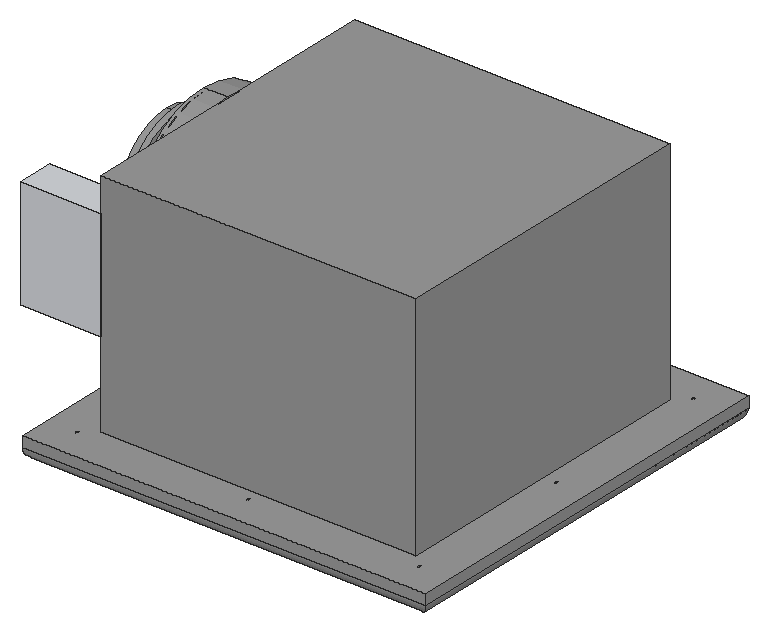
Revit family "Ceileo T", category Mechanical Equipment, Revit 2021
Family settings
  Round Connector Dimension = Use Diameter
  Classification = None
  Part Type = Normal
  Work Plane-Based = No
  Always vertical = Yes
  Cut with Voids When Loaded = No
  Shared = No
  Room Calculation Point = No
Parameters (values of type "Ceileo 300 T")
  Width = C  # 260 mm
  Weight = 5.10 kg
  Sound pressure level at 3 m distance = "31 dBA"
  Length = E  # 395 mm
  Height = H + h  # 206 mm
  Diameter = D  # 149 mm
  Default Elevation = 0 mm
  Description = "For round channels"  # constant formula
  Manufacturer = "Blauberg"  # constant formula
  r = d / 2  # 49 mm
  l3 = L1 * 0.7  # 35 mm
  l2 = L1 / 2 - 5 mm  # 20 mm
  h = 18 mm  # constant formula
  d = 98 mm  # constant formula
  b = B / 2  # 129 mm
  Voltage = 230 V
  URL = "https://blaubergventilatoren.de/uploads/download/b166_1en_02preview.pdf"
  R = D / 2  # 74.5 mm
  Pressure_Static_Air [instance] = 0.0 m³/h
  Power = 49 W
  Number of Fase = 1
  Maximum Air Flow = 300.0 m³/h
  Maintenance zone material = none
  Load Classification = "HVAC"
  L1 = 50 mm
  H1 = H - 100 mm  # 88 mm
  H = 188 mm  # constant formula
  Frequency = 50 Hz
  E = 395 mm  # constant formula
  Dy = D - 5 mm  # 144 mm
  D = 149 mm
  Casing Material = Plastic, opaque, white
  C = 260 mm  # constant formula
  B2 = if(L1 = 100 mm, 45 mm, 0 mm)  # 0 mm
  B1 = B - 100 mm  # 158 mm
  B = 258 mm  # constant formula
  Apparent Load = Voltage * Amperage  # 50.6 W
  Amperage = 0.22 A
  Air Flow [instance] = 0.0 m³/h
  A = 330 mm  # constant formula
  09_System_Name [instance] = ""
  00_20_Type = "Ceileo 300 T"
  00_20_Name = "Centrifugal ceiling extract fan"  # constant formula
  00_20_Manufacturer = "Blauberg"  # constant formula
Types (7, lengths in mm): name | Weight | Sound pressure level at 3 m distance | Diameter | l3 | l2 | R | Power | Maximum Air Flow | L1 | Dy | D | B2 | Apparent Load | Amperage | 00_20_Type
  (no name) | 5.10 kg | "31 dBA" | 149 | 35 | 20 | 74.5 | 49 W | 300.0 m³/h | 50 | 144 | 149 | 0 | 50.6 W | 0.22 A | "Ceileo 300 T"
  Ceileo 200 | 5.30 kg | "27 dBA" | 148 | 70 | 45 | 74 | 29 W | 210.0 m³/h | 100 | 143 | 148 | 45 | 29.9 W | 0.13 A | "Ceileo 200"
  Ceileo 250 | 5.30 kg | "29 dBA" | 148 | 70 | 45 | 74 | 39 W | 260.0 m³/h | 100 | 143 | 148 | 45 | 41.4 W | 0.18 A | "Ceileo 250"
  Ceileo 300 | 5.10 kg | "31 dBA" | 149 | 35 | 20 | 74.5 | 49 W | 300.0 m³/h | 50 | 144 | 149 | 0 | 50.6 W | 0.22 A | "Ceileo 300"
  Ceileo 200 T | 5.30 kg | "27 dBA" | 148 | 70 | 45 | 74 | 29 W | 210.0 m³/h | 100 | 143 | 148 | 45 | 29.9 W | 0.13 A | "Ceileo 200 T"
  Ceileo 250 T | 5.30 kg | "29 dBA" | 148 | 70 | 45 | 74 | 39 W | 260.0 m³/h | 100 | 143 | 148 | 45 | 41.4 W | 0.18 A | "Ceileo 250 T"
  Ceileo 300 T | 5.10 kg | "31 dBA" | 149 | 35 | 20 | 74.5 | 49 W | 300.0 m³/h | 50 | 144 | 149 | 0 | 50.6 W | 0.22 A | "Ceileo 300 T"
Reference planes
  plane 1 "По центру (Вперед/Назад)": y = 0
  plane 2: z = 0
  plane 3 "По центру (Влево/Вправо)": x = 0
  plane 4: x = 165
  plane 5: x = -165
  plane 6: x = -230
Forms (mm)
  Extrusion 1, solid, material "Сталь, гальванизированная"
    sketch origin (0, 0, 0) x (1, 0, 0) y (0, 1, 0)
      loop
        line (-129, -130) -> (129, -130) -> (129, 130) -> (-129, 130) -> (-129, -130)
    from 0 to 188
  Revolve 2, solid, material "Сталь, гальванизированная"
    sketch origin (0.528, 0, 0) x (1, 0, 0) y (0, 0, 1)
      loop
        line (-129.528, 188.501) -> (-149.528, 188.501) -> (-164.528, 163.001) -> (-179.528, 163.001) -> (-179.528, 161) -> (-163.384, 161) -> (-148.384, 186.5) -> (-129.528, 186.5) -> (-129.528, 188.501)
      axis (-129.528, 114.001) -> (-179.528, 114.001)
    angle from 0 to 360
  Extrusion 3, solid, material "Каучук, черный"
    sketch origin (0, 0, 0) x (0, 1, 0) y (0, 0, 1)
      loop
        circle (0, 113.5) r 49
      loop
        circle (0, 113.5) r 55
    from -170 to -165
  Extrusion 4, solid
    sketch origin (0, 0, 0) x (1, 0, 0) y (0, 1, 0)
      loop
        line (-129, -130) -> (-129, -100) -> (-195, -100) -> (-195, -130) -> (-129, -130)
    from 70 to 160
Dimensions and locks
  equal spacing: Extrusion 1 sketch curve, plane 3 "По центру (Влево/Вправо)", Extrusion 1 sketch curve
  equal spacing: Extrusion 1 sketch curve, plane 1 "По центру (Вперед/Назад)", Extrusion 1 sketch curve
  "C": Extrusion 1 sketch curve to Extrusion 1 sketch curve
  "B": Extrusion 1 sketch curve to Extrusion 1 sketch curve
  "H": Extrusion 1 to level
  "R": Revolve 2 sketch curve to Revolve 2 sketch curve
  "r": Revolve 2 sketch curve to Revolve 2 sketch curve
  locked: Revolve 2 sketch curve to Revolve 2 sketch curve at 2
  equal spacing: plane 5, plane 3 "По центру (Влево/Вправо)", plane 4
  "A": plane 5 to plane 4
  "E": plane 6 to plane 4
  locked: Revolve 2 sketch curve to Revolve 2 sketch curve at 2.001  (x2)
  "L1": Revolve 2 sketch curve to Revolve 2 sketch curve
  "l2": Revolve 2 sketch curve to Revolve 2 sketch curve
  "b": plane 3 "По центру (Влево/Вправо)" to Revolve 2 sketch curve
  "l3": Revolve 2 sketch curve to Revolve 2 sketch curve
  "R": Extrusion 1 to Extrusion 3 sketch curve
  "B2": plane 5 to Extrusion 3
  locked: Extrusion 3 to Extrusion 3 at 5
  locked: Extrusion 4 sketch curve to plane 1 "По центру (Вперед/Назад)" at 130
  locked: Extrusion 4 sketch curve to Extrusion 4 sketch curve at 30
  locked: Extrusion 4 sketch curve to plane 5 at 30
  locked: level to Extrusion 4 at 70
  locked: Extrusion 4 to level at 160
  locked: plane 5 to Extrusion 4 sketch curve at 36
  "d": diameter of Extrusion 3 sketch curve
  aligned and locked: level to plane 2
  aligned and locked: nested 1 to plane 2
  aligned and locked: plane 1 "По центру (Вперед/Назад)" to nested 1
  aligned and locked: plane 3 "По центру (Влево/Вправо)" to nested 1
Automatic sketch dimensions
  level to Revolve 2 sketch curve = 161 mm
  Revolve 2 sketch curve to plane 6 = 37.656 mm
  plane 5 to Revolve 2 sketch curve = 30.189 mm
  Extrusion 3 sketch curve to Extrusion 3 sketch curve = 0 mm  (x2)
  Extrusion 3 sketch curve to plane 1 "По центру (Вперед/Назад)" = 0 mm
  radius of Extrusion 3 sketch curve = 55 mm
Nested families
  nested 1: "org" at (0, 0, 0) x (1, 0, 0) z (0, -1, 0), type "org 330х330"
    with Pressure_Static_Air 0.0 m³/h, Maximum Air Flow 0.0 m³/h, Air Flow 0.0 m³/h, 09_System_Name "", 00_20_Type "ОРГ 200х200", 00_20_Name "Припливно-витяжна решітка", r 9 mm, D 18 mm
Connectors
  hvac at (-129, 0, 114.001), driven by "D"
    settings: on Revolve 2, index 1, duct flow 0.0 m³/h, flow factor 0, pres drop 0.0 Pa, loss coef 0, conn angle 0.00°, conn width 304.8 mm, conn height 304.8 mm, conn diameter 149 mm, duct sys type 3, conn prof type 0, flow config 0, flow direction 2, loss method 0, conn ref index -1, conn util no, is conn primary yes, conn desc ""
Definition of nested family "org"
  Parameters (values of type "ОРГ 330х330")
    Default Elevation = 0 mm
    Вага = 6.50 kg
    t = 2 mm
    r = D / 2  # 2.5 mm
    n горизонталь = A1 / S горизонталь  # 3
    n вертикаль = B1 / S вертикаль  # 23
    a2 = -A1 / 2  # -115 mm
    a1 = A1 / 2  # 115 mm
    S горизонталь = 75 mm
    S вертикаль = 10 mm
    Pressure_Static_Air [instance] = 0.0 m³/h
    Maximum Air Flow [instance] = 0.0 m³/h
    Maintenance zone material = none
    Load Classification = "HVAC"
    D = 5 mm
    B2 = B - C  # 280 mm
    B1 = B - C * 2  # 230 mm
    C = 50 mm
    B = 330 mm
    Air Flow [instance] = 0.0 m³/h
    A2 = A - C  # 280 mm
    A1 = A - 2 * C  # 230 mm
    A = 330 mm
    09_System_Name [instance] = ""
    00_20_Type [instance] = "ОРГ 200х200"
    00_20_Name [instance] = "Припливно-витяжна решітка"
    00_20_Manufacturer = "Вентс"  # constant formula
  Reference planes
    plane 1 "По центру (Вперед/Назад)": y = 0
    plane 2: z = 0
    plane 3 "По центру (Влево/Вправо)": x = 0
    plane 4: x = 115
    plane 5: x = -115
    plane 6: z = 115
    plane 7: z = -115
    plane 8: z = 140
    plane 9: x = -140
    plane 10: x = 140
    plane 11: z = -140
  Forms (mm)
    Extrusion 1, solid
      sketch origin (-145.595, 0, 117.557) x (1, 0, 0) y (0, 0, 1)
        loop
          line (30.595, -232.557) -> (260.595, -232.557) -> (260.595, -2.557) -> (30.595, -2.557) -> (30.595, -232.557)
        loop
          line (-19.405, -282.557) -> (310.595, -282.557) -> (310.595, 47.443) -> (-19.405, 47.443) -> (-19.405, -282.557)
      from 0 to 5 <- "D"
    Extrusion 2, solid
      sketch origin (0, -3, -104) x (0, 1, 0) y (0, 0, 1)
        loop
          line (3, 215.798) -> (-2, 215.798) -> (-2, 213.798) -> (3, 213.798) -> (3, 215.798)
      from 115 <- "a1" to -115 <- "a2"
    Extrusion 3, solid
      sketch origin (0, -3, -114) x (0, 1, 0) y (0, 0, 1)
        loop
          line (3, 215.798) -> (-2, 215.798) -> (-2, 213.798) -> (3, 213.798) -> (3, 215.798)
      from 115 <- "a1" to -115 <- "a2"
    Extrusion 4, solid
      sketch origin (0, -3, -124) x (0, 1, 0) y (0, 0, 1)
        loop
          line (3, 215.798) -> (-2, 215.798) -> (-2, 213.798) -> (3, 213.798) -> (3, 215.798)
      from 115 <- "a1" to -115 <- "a2"
    Extrusion 5, solid
      sketch origin (0, -3, -134) x (0, 1, 0) y (0, 0, 1)
        loop
          line (3, 215.798) -> (-2, 215.798) -> (-2, 213.798) -> (3, 213.798) -> (3, 215.798)
      from 115 <- "a1" to -115 <- "a2"
    Extrusion 6, solid
      sketch origin (0, -3, -144) x (0, 1, 0) y (0, 0, 1)
        loop
          line (3, 215.798) -> (-2, 215.798) -> (-2, 213.798) -> (3, 213.798) -> (3, 215.798)
      from 115 <- "a1" to -115 <- "a2"
    Extrusion 7, solid
      sketch origin (0, -3, -154) x (0, 1, 0) y (0, 0, 1)
        loop
          line (3, 215.798) -> (-2, 215.798) -> (-2, 213.798) -> (3, 213.798) -> (3, 215.798)
      from 115 <- "a1" to -115 <- "a2"
    Extrusion 8, solid
      sketch origin (0, -3, -164) x (0, 1, 0) y (0, 0, 1)
        loop
          line (3, 215.798) -> (-2, 215.798) -> (-2, 213.798) -> (3, 213.798) -> (3, 215.798)
      from 115 <- "a1" to -115 <- "a2"
    Extrusion 9, solid
      sketch origin (0, -3, -174) x (0, 1, 0) y (0, 0, 1)
        loop
          line (3, 215.798) -> (-2, 215.798) -> (-2, 213.798) -> (3, 213.798) -> (3, 215.798)
      from 115 <- "a1" to -115 <- "a2"
    Extrusion 10, solid
      sketch origin (0, -3, -184) x (0, 1, 0) y (0, 0, 1)
        loop
          line (3, 215.798) -> (-2, 215.798) -> (-2, 213.798) -> (3, 213.798) -> (3, 215.798)
      from 115 <- "a1" to -115 <- "a2"
    Extrusion 11, solid
      sketch origin (0, -3, -194) x (0, 1, 0) y (0, 0, 1)
        loop
          line (3, 215.798) -> (-2, 215.798) -> (-2, 213.798) -> (3, 213.798) -> (3, 215.798)
      from 115 <- "a1" to -115 <- "a2"
    Sweep 12, void
      path in 3D
        loop
          line (-165, -5, 165) -> (-165, -5, -165) -> (165, -5, -165) -> (165, -5, 165) -> (-165, -5, 165)
      profile origin (0, -5, 165) x (0, -1, 0) y (0, 0, 1)
        loop
          line (0, 0) -> (-2.5, 0)
          arc (-2.5, 0) -> (-0.732, -0.732) -> (0, -2.5) r 2.5
          line (0, -2.5) -> (0, 0)
    Extrusion 13, void
      sketch origin (0, 0, 0) x (1, 0, 0) y (0, 0, 1)
        loop
          circle (140.01, 140.01) r 1
        loop
          circle (-140.01, 140.01) r 1
        loop
          circle (140, 0) r 1
        loop
          circle (-140, 0) r 1
        loop
          circle (-140.01, -140.01) r 1
        loop
          circle (140.01, -140.01) r 1
        loop
          circle (0, -140) r 1
        loop
          circle (0, 140) r 1
      from 0 to 5 <- "D"
    Extrusion 14, solid
      sketch origin (0, -3, -204) x (0, 1, 0) y (0, 0, 1)
        loop
          line (3, 215.798) -> (-2, 215.798) -> (-2, 213.798) -> (3, 213.798) -> (3, 215.798)
      from 115 <- "a1" to -115 <- "a2"
    Extrusion 15, solid
      sketch origin (-79.143, 0, -80) x (1, 0, 0) y (0, 0, 1)
        loop
          line (-32.857, -35) -> (-30.857, -35) -> (-30.857, 195) -> (-32.857, 195) -> (-32.857, -35)
      from 0 to 5 <- "D"
    Extrusion 16, solid
      sketch origin (-4.143, 0, -80) x (1, 0, 0) y (0, 0, 1)
        loop
          line (-32.857, -35) -> (-30.857, -35) -> (-30.857, 195) -> (-32.857, 195) -> (-32.857, -35)
      from 0 to 5 <- "D"
    Extrusion 17, solid
      sketch origin (70.857, 0, -80) x (1, 0, 0) y (0, 0, 1)
        loop
          line (-32.857, -35) -> (-30.857, -35) -> (-30.857, 195) -> (-32.857, 195) -> (-32.857, -35)
      from 0 to 5 <- "D"
    Extrusion 18, solid
      sketch origin (0, -3, -214) x (0, 1, 0) y (0, 0, 1)
        loop
          line (3, 215.798) -> (-2, 215.798) -> (-2, 213.798) -> (3, 213.798) -> (3, 215.798)
      from 115 <- "a1" to -115 <- "a2"
    Extrusion 19, solid
      sketch origin (0, -3, -224) x (0, 1, 0) y (0, 0, 1)
        loop
          line (3, 215.798) -> (-2, 215.798) -> (-2, 213.798) -> (3, 213.798) -> (3, 215.798)
      from 115 <- "a1" to -115 <- "a2"
    Extrusion 20, solid
      sketch origin (0, -3, -234) x (0, 1, 0) y (0, 0, 1)
        loop
          line (3, 215.798) -> (-2, 215.798) -> (-2, 213.798) -> (3, 213.798) -> (3, 215.798)
      from 115 <- "a1" to -115 <- "a2"
    Extrusion 21, solid
      sketch origin (0, -3, -244) x (0, 1, 0) y (0, 0, 1)
        loop
          line (3, 215.798) -> (-2, 215.798) -> (-2, 213.798) -> (3, 213.798) -> (3, 215.798)
      from 115 <- "a1" to -115 <- "a2"
    Extrusion 22, solid
      sketch origin (0, -3, -254) x (0, 1, 0) y (0, 0, 1)
        loop
          line (3, 215.798) -> (-2, 215.798) -> (-2, 213.798) -> (3, 213.798) -> (3, 215.798)
      from 115 <- "a1" to -115 <- "a2"
    Extrusion 23, solid
      sketch origin (0, -3, -264) x (0, 1, 0) y (0, 0, 1)
        loop
          line (3, 215.798) -> (-2, 215.798) -> (-2, 213.798) -> (3, 213.798) -> (3, 215.798)
      from 115 <- "a1" to -115 <- "a2"
    Extrusion 24, solid
      sketch origin (0, -3, -274) x (0, 1, 0) y (0, 0, 1)
        loop
          line (3, 215.798) -> (-2, 215.798) -> (-2, 213.798) -> (3, 213.798) -> (3, 215.798)
      from 115 <- "a1" to -115 <- "a2"
    Extrusion 25, solid
      sketch origin (0, -3, -284) x (0, 1, 0) y (0, 0, 1)
        loop
          line (3, 215.798) -> (-2, 215.798) -> (-2, 213.798) -> (3, 213.798) -> (3, 215.798)
      from 115 <- "a1" to -115 <- "a2"
    Extrusion 26, solid
      sketch origin (0, -3, -294) x (0, 1, 0) y (0, 0, 1)
        loop
          line (3, 215.798) -> (-2, 215.798) -> (-2, 213.798) -> (3, 213.798) -> (3, 215.798)
      from 115 <- "a1" to -115 <- "a2"
    Extrusion 27, solid
      sketch origin (0, -3, -304) x (0, 1, 0) y (0, 0, 1)
        loop
          line (3, 215.798) -> (-2, 215.798) -> (-2, 213.798) -> (3, 213.798) -> (3, 215.798)
      from 115 <- "a1" to -115 <- "a2"
    Extrusion 28, solid
      sketch origin (0, -3, -314) x (0, 1, 0) y (0, 0, 1)
        loop
          line (3, 215.798) -> (-2, 215.798) -> (-2, 213.798) -> (3, 213.798) -> (3, 215.798)
      from 115 <- "a1" to -115 <- "a2"
    Extrusion 29, solid
      sketch origin (0, -3, -324) x (0, 1, 0) y (0, 0, 1)
        loop
          line (3, 215.798) -> (-2, 215.798) -> (-2, 213.798) -> (3, 213.798) -> (3, 215.798)
      from 115 <- "a1" to -115 <- "a2"
  Cuts and joins
    Sweep 12, Extrusion 13 cuts Extrusion 1
  Lines and regions (mm)
    sketch lines
      curve 1: line (165, -5, 165) -> (-165, -5, 165)
      curve 2: line (-165, -5, 165) -> (-165, -5, -165)
      curve 3: line (165, -5, -165) -> (165, -5, 165)
      curve 4: line (-165, -5, -165) -> (165, -5, -165)
  Dimensions and locks
    "B": Extrusion 1 sketch curve to Extrusion 1 sketch curve
    "A": Extrusion 1 sketch curve to Extrusion 1 sketch curve
    equal spacing: Extrusion 1 sketch curve, plane 3 "По центру (Влево/Вправо)", Extrusion 1 sketch curve
    equal spacing: Extrusion 1 sketch curve, level, Extrusion 1 sketch curve
    equal spacing: plane 7, level, plane 6
    "B1": plane 7 to plane 6
    equal spacing: plane 4, plane 3 "По центру (Влево/Вправо)", plane 5
    "A1": plane 4 to plane 5
    "t": Extrusion 2 sketch curve to Extrusion 2 sketch curve
    locked: plane 6 to Extrusion 2 at 3.202
    "t": Extrusion 3 sketch curve to Extrusion 3 sketch curve
    equal spacing: group 1, group 2, group 3, group 4, group 5, group 6, group 7, group 8, group 9, group 10, group 11, group 15, group 16, group 17, group 18, group 19, group 20, group 21, group 22, group 23, group 24, group 25, group 26  (x2)
    equal spacing: group 26, group 25, group 24, group 23, group 22, group 21, group 20, group 19, group 18, group 17, group 16, group 15, group 11, group 10, group 9, group 8, group 7, group 6, group 5, group 4, group 3, group 2, group 1
    "t": Extrusion 4 sketch curve to Extrusion 4 sketch curve
    "S вертикаль": Extrusion 2 to Extrusion 3
    "t": Extrusion 5 sketch curve to Extrusion 5 sketch curve
    "t": Extrusion 6 sketch curve to Extrusion 6 sketch curve
    "t": Extrusion 7 sketch curve to Extrusion 7 sketch curve
    "t": Extrusion 8 sketch curve to Extrusion 8 sketch curve
    "t": Extrusion 9 sketch curve to Extrusion 9 sketch curve
    "t": Extrusion 10 sketch curve to Extrusion 10 sketch curve
    "t": Extrusion 11 sketch curve to Extrusion 11 sketch curve
    equal spacing: plane 9, plane 3 "По центру (Влево/Вправо)", plane 10
    "A2": plane 9 to plane 10
    equal spacing: plane 11, level, plane 8
    "B2": plane 11 to plane 8
    "D": Extrusion 2 sketch curve to Extrusion 2 sketch curve
    "D": Extrusion 3 sketch curve to Extrusion 3 sketch curve
    "D": Extrusion 4 sketch curve to Extrusion 4 sketch curve
    "D": Extrusion 5 sketch curve to Extrusion 5 sketch curve
    "D": Extrusion 6 sketch curve to Extrusion 6 sketch curve
    "D": Extrusion 7 sketch curve to Extrusion 7 sketch curve
    "D": Extrusion 8 sketch curve to Extrusion 8 sketch curve
    "D": Extrusion 9 sketch curve to Extrusion 9 sketch curve
    "D": Extrusion 10 sketch curve to Extrusion 10 sketch curve
    "D": Extrusion 11 sketch curve to Extrusion 11 sketch curve
    "t": Extrusion 14 sketch curve to Extrusion 14 sketch curve
    "D": Extrusion 14 sketch curve to Extrusion 14 sketch curve
    "B1": Extrusion 15 sketch curve to Extrusion 15 sketch curve
    "t": Extrusion 15 sketch curve to Extrusion 15 sketch curve
    locked: Extrusion 15 to plane 5 at 3
    "B1": Extrusion 16 sketch curve to Extrusion 16 sketch curve
    "t": Extrusion 16 sketch curve to Extrusion 16 sketch curve
    equal spacing: group 12, group 13, group 14  (x3)
    "S горизонталь": Extrusion 16 to Extrusion 15
    "B1": Extrusion 17 sketch curve to Extrusion 17 sketch curve
    "t": Extrusion 17 sketch curve to Extrusion 17 sketch curve
    "t": Extrusion 18 sketch curve to Extrusion 18 sketch curve
    "D": Extrusion 18 sketch curve to Extrusion 18 sketch curve
    "t": Extrusion 19 sketch curve to Extrusion 19 sketch curve
    "D": Extrusion 19 sketch curve to Extrusion 19 sketch curve
    "t": Extrusion 20 sketch curve to Extrusion 20 sketch curve
    "D": Extrusion 20 sketch curve to Extrusion 20 sketch curve
    "t": Extrusion 21 sketch curve to Extrusion 21 sketch curve
    "D": Extrusion 21 sketch curve to Extrusion 21 sketch curve
    "t": Extrusion 22 sketch curve to Extrusion 22 sketch curve
    "D": Extrusion 22 sketch curve to Extrusion 22 sketch curve
    "t": Extrusion 23 sketch curve to Extrusion 23 sketch curve
    "D": Extrusion 23 sketch curve to Extrusion 23 sketch curve
    "t": Extrusion 24 sketch curve to Extrusion 24 sketch curve
    "D": Extrusion 24 sketch curve to Extrusion 24 sketch curve
    "t": Extrusion 25 sketch curve to Extrusion 25 sketch curve
    "D": Extrusion 25 sketch curve to Extrusion 25 sketch curve
    "t": Extrusion 26 sketch curve to Extrusion 26 sketch curve
    "D": Extrusion 26 sketch curve to Extrusion 26 sketch curve
    "t": Extrusion 27 sketch curve to Extrusion 27 sketch curve
    "D": Extrusion 27 sketch curve to Extrusion 27 sketch curve
    "t": Extrusion 28 sketch curve to Extrusion 28 sketch curve
    "D": Extrusion 28 sketch curve to Extrusion 28 sketch curve
    "t": Extrusion 29 sketch curve to Extrusion 29 sketch curve
    "D": Extrusion 29 sketch curve to Extrusion 29 sketch curve
    "r": radius of Sweep 12 sketch curve
    aligned and locked: level to plane 2
    aligned and locked: Extrusion 1 sketch curve to plane 4
    aligned and locked: plane 5 to Extrusion 1 sketch curve
    aligned and locked: Extrusion 1 sketch curve to plane 6
    aligned and locked: plane 7 to Extrusion 1 sketch curve
    aligned and locked: Extrusion 2 to plane 1 "По центру (Вперед/Назад)"
    aligned and locked: plane 6 to Extrusion 15
    aligned and locked: Extrusion 15 to plane 7
    aligned and locked: Extrusion 14 to plane 1 "По центру (Вперед/Назад)"
  Automatic sketch dimensions
    Extrusion 13 sketch curve to level = 0 mm  (x2)
    plane 9 to Extrusion 13 sketch curve = 0 mm
    Extrusion 13 sketch curve to plane 3 "По центру (Влево/Вправо)" = 0 mm  (x2)
    plane 10 to Extrusion 13 sketch curve = 0 mm
    Extrusion 13 sketch curve to plane 11 = 0 mm
    Extrusion 13 sketch curve to plane 8 = 0 mm
    plane 9 to Extrusion 13 sketch curve = 0.01 mm  (x2)
    Extrusion 13 sketch curve to plane 10 = 0.01 mm  (x2)
    Extrusion 13 sketch curve to plane 11 = 0.01 mm  (x2)
    plane 8 to Extrusion 13 sketch curve = 0.01 mm  (x2)
    Sweep 12 sketch curve to profile plane = 0 mm  (x2)
    radius of Extrusion 13 sketch curve = 1 mm  (x8)
